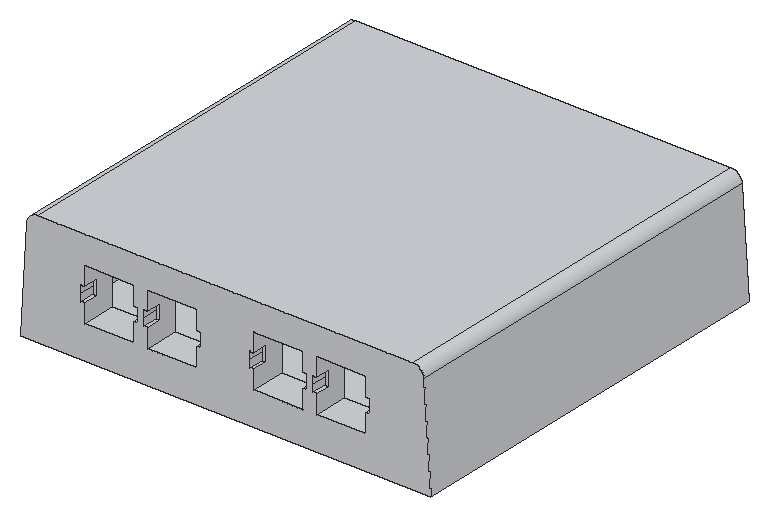
Revit family
Parameters
  Material ID = "760057414\r\n760057414\r\n760057414\r\n760057422"
  Description = "M200 Surface Mount Box, eight port black"
Reference planes (in)
  plane 1 "Center (Front/Back)": y = 0
  plane 2: z = 0
  plane 3 "Center (Left/Right)": x = 0
Forms (in)
  Extrusion 1, solid
    sketch origin (0, 0, 0) x (1, 0, 0) y (0, 0, 1)
      loop
        arc (-2.49587, 1.515) -> (-2.5985, 1.4744) -> (-2.64557, 1.37458) r 0.15
        line (-2.64557, 1.37458) -> (-2.7335, 0) -> (2.7335, 0) -> (2.64557, 1.37458)
        arc (2.64557, 1.37458) -> (2.5985, 1.4744) -> (2.49587, 1.515) r 0.15
        line (2.49587, 1.515) -> (-2.49587, 1.515)
    from 0 to 5.3
  Extrusion 2, void
    sketch origin (0, 0, 0) x (1, 0, 0) y (0, 0, 1)
      loop
        line (-1.8746, 1.14298) -> (-1.8746, 0.44298) -> (-1.2166, 0.44298) -> (-1.2166, 1.14298) -> (-1.8746, 1.14298)
      loop
        line (-1.0386, 1.14298) -> (-1.0386, 0.44298) -> (-0.3806, 0.44298) -> (-0.3806, 1.14298) -> (-1.0386, 1.14298)
      loop
        line (1.8746, 1.14298) -> (1.2166, 1.14298) -> (1.2166, 0.44298) -> (1.8746, 0.44298) -> (1.8746, 1.14298)
      loop
        line (1.0386, 1.14298) -> (0.3806, 1.14298) -> (0.3806, 0.44298) -> (1.0386, 0.44298) -> (1.0386, 1.14298)
    from 0 to 12
  Extrusion 3, void
    sketch origin (0, 0, 0) x (1, 0, 0) y (0, 0, 1)
      loop
        line (-1.1656, 0.79298) -> (-1.1656, 0.89298) -> (-1.2166, 0.89298) -> (-1.2166, 0.69298) -> (-1.1656, 0.69298) -> (-1.1656, 0.79298)
      loop
        line (-1.9256, 0.79298) -> (-1.9256, 0.69298) -> (-1.8746, 0.69298) -> (-1.8746, 0.89298) -> (-1.9256, 0.89298) -> (-1.9256, 0.79298)
      loop
        line (-0.3296, 0.79298) -> (-0.3296, 0.89298) -> (-0.3806, 0.89298) -> (-0.3806, 0.69298) -> (-0.3296, 0.69298) -> (-0.3296, 0.79298)
      loop
        line (-1.0896, 0.79298) -> (-1.0896, 0.69298) -> (-1.0386, 0.69298) -> (-1.0386, 0.89298) -> (-1.0896, 0.89298) -> (-1.0896, 0.79298)
      loop
        line (1.1656, 0.79298) -> (1.1656, 0.69298) -> (1.2166, 0.69298) -> (1.2166, 0.89298) -> (1.1656, 0.89298) -> (1.1656, 0.79298)
      loop
        line (1.9256, 0.79298) -> (1.9256, 0.89298) -> (1.8746, 0.89298) -> (1.8746, 0.69298) -> (1.9256, 0.69298) -> (1.9256, 0.79298)
      loop
        line (0.3296, 0.79298) -> (0.3296, 0.69298) -> (0.3806, 0.69298) -> (0.3806, 0.89298) -> (0.3296, 0.89298) -> (0.3296, 0.79298)
      loop
        line (1.0896, 0.79298) -> (1.0896, 0.89298) -> (1.0386, 0.89298) -> (1.0386, 0.69298) -> (1.0896, 0.69298) -> (1.0896, 0.79298)
    from 0 to 0.5
  Extrusion 4, void
    sketch origin (0, -5.3, 0) x (1, 0, 0) y (0, 0, -1)
      loop
        line (-1.1656, -0.79298) -> (-1.1656, -0.69298) -> (-1.2166, -0.69298) -> (-1.2166, -0.89298) -> (-1.1656, -0.89298) -> (-1.1656, -0.79298)
      loop
        line (-1.9256, -0.79298) -> (-1.9256, -0.89298) -> (-1.8746, -0.89298) -> (-1.8746, -0.69298) -> (-1.9256, -0.69298) -> (-1.9256, -0.79298)
      loop
        line (-0.3296, -0.79298) -> (-0.3296, -0.69298) -> (-0.3806, -0.69298) -> (-0.3806, -0.89298) -> (-0.3296, -0.89298) -> (-0.3296, -0.79298)
      loop
        line (-1.0896, -0.79298) -> (-1.0896, -0.89298) -> (-1.0386, -0.89298) -> (-1.0386, -0.69298) -> (-1.0896, -0.69298) -> (-1.0896, -0.79298)
      loop
        line (1.1656, -0.79298) -> (1.1656, -0.89298) -> (1.2166, -0.89298) -> (1.2166, -0.69298) -> (1.1656, -0.69298) -> (1.1656, -0.79298)
      loop
        line (1.9256, -0.79298) -> (1.9256, -0.69298) -> (1.8746, -0.69298) -> (1.8746, -0.89298) -> (1.9256, -0.89298) -> (1.9256, -0.79298)
      loop
        line (0.3296, -0.79298) -> (0.3296, -0.89298) -> (0.3806, -0.89298) -> (0.3806, -0.69298) -> (0.3296, -0.69298) -> (0.3296, -0.79298)
      loop
        line (1.0896, -0.79298) -> (1.0896, -0.69298) -> (1.0386, -0.69298) -> (1.0386, -0.89298) -> (1.0896, -0.89298) -> (1.0896, -0.79298)
    from 0 to 0.2
  Extrusion 5, void
    sketch origin (0, 0, 0) x (1, 0, 0) y (0, 1, 0)
      loop
        line (-0.35216, -3.82011) -> (0, -3.82011) -> (0.35216, -3.82011)
        arc (0.35216, -3.82011) -> (0.5286, -3.64367) -> (0.35216, -3.46722) r 0.17645
        line (0.35216, -3.46722) -> (0, -3.46722) -> (-0.35216, -3.46722)
        arc (-0.35216, -3.46722) -> (-0.5286, -3.64367) -> (-0.35216, -3.82011) r 0.17645
      loop
        arc (-0.35216, -1.47989) -> (-0.5286, -1.65633) -> (-0.35216, -1.83278) r 0.17645
        line (-0.35216, -1.83278) -> (0, -1.83278) -> (0.35216, -1.83278)
        arc (0.35216, -1.83278) -> (0.5286, -1.65633) -> (0.35216, -1.47989) r 0.17645
        line (0.35216, -1.47989) -> (0, -1.47989) -> (-0.35216, -1.47989)
      loop
        line (-0.78583, -3.00216) -> (-0.78583, -2.65) -> (-0.78583, -2.29784)
        arc (-0.78583, -2.29784) -> (-0.96227, -2.1214) -> (-1.13872, -2.29784) r 0.17645
        line (-1.13872, -2.29784) -> (-1.13872, -2.65) -> (-1.13872, -3.00216)
        arc (-1.13872, -3.00216) -> (-0.96227, -3.1786) -> (-0.78583, -3.00216) r 0.17645
      loop
        arc (0.78583, -3.00216) -> (0.96227, -3.1786) -> (1.13872, -3.00216) r 0.17645
        line (1.13872, -3.00216) -> (1.13872, -2.65) -> (1.13872, -2.29784)
        arc (1.13872, -2.29784) -> (0.96227, -2.1214) -> (0.78583, -2.29784) r 0.17645
        line (0.78583, -2.29784) -> (0.78583, -2.65) -> (0.78583, -3.00216)
    from 0 to 1.21698
  Extrusion 6, void
    sketch origin (0, -5.3, 0) x (-1, 0, 0) y (0, 0, 1)
      loop
        line (2.4691, 1.35955) -> (-2.45851, 1.35955) -> (-2.54559, 0.11431) -> (2.55617, 0.11431) -> (2.4691, 1.35955)
    from 0.45822 to 4.8
Cuts and joins
  Extrusion 2, Extrusion 3, Extrusion 4, Extrusion 5, Extrusion 6 cuts Extrusion 1
